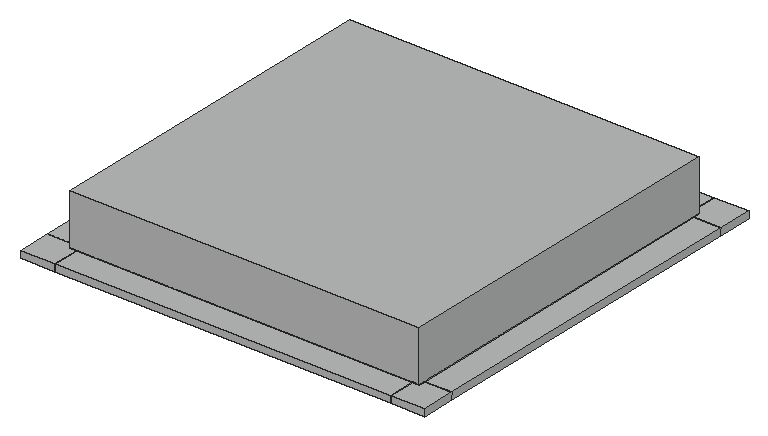
Revit family "ALUMOGIPS", category Осветительные приборы, Revit 2019 (continued)
Types (72, lengths in mm): name | Файл фотометрической сетки | built-in parameter 1150105 | Lumens | built-in parameter 1150106 | built-in parameter 1150142 | Wattage | Emit from Rectangle Width | Emit from Rectangle Length | Длина | Материал светильника | Ширина | ADSK_Ток | ADSK_Полная мощность | ADSK_Обозначение | ADSK_Номинальная мощность | ADSK_Наименование | ADSK_Масса | ADSK_Код изделия
    400.568 1390.010 1377.085 1361.002 1342.947 1322.522 1300.026 1275.261 1248.621 1220.205 1189.817 1157.849 1124.598 1089.670 \r\n1053.460 1016.065 977.881 938.119 898.060 856.917 815.575 773.149 730.722 687.901 644.390 600.877 557.168 513.262 470.046 426.534 383.121 340.497 298.761 257.814 218.151 179.473 \r\n140.501 105.672 72.816 41.835 13.714 0.592 0.592 0.493 0.493 0.493 0.493 0.493 0.493 0.493 0.493 0.395 0.395 0.395 0.395 0.395 0.395 0.395 0.395 0.296 0.296 0.296 0.296 0.296 0.296 0.296 0.296 0.197 \r\n0.197 0.197 0.197 0.197 0.197 0.197 0.197 0.098 0.098 0.098 0.098 0.098 0.098 0.098 0.098 0.000 0.000 0.000 0.000 \r\n1417.637 1417.341 1413.986 1408.461 1400.271 1389.715 1376.789 1360.608 1342.552 1322.128 1299.632 1274.768 1248.128 1219.614 1189.224 1157.256 1123.907 1088.980 \r\n1052.868 1015.374 977.191 937.428 897.369 856.127 814.884 772.458 730.032 687.211 643.698 600.187 556.577 512.670 469.454 425.942 382.529 340.004 298.268 257.321 217.756 179.080 \r\n140.204 105.376 72.520 41.538 13.517 0.592 0.592 0.493 0.493 0.493 0.493 0.493 0.493 0.493 0.493 0.395 0.395 0.395 0.395 0.395 0.395 0.395 0.395 0.296 0.296 0.296 0.296 0.296 0.296 0.296 0.296 0.197 \r\n0.197 0.197 0.197 0.197 0.197 0.197 0.197 0.098 0.098 0.098 0.098 0.098 0.098 0.098 0.098 0.000 0.000 0.000 0.000 \r\n1417.637 1417.242 1413.789 1408.362 1400.075 1389.517 1376.394 1360.311 1342.157 1321.733 1299.138 1274.274 1247.536 1219.022 1188.632 1156.566 1123.315 1088.388 \r\n1052.177 1014.684 976.500 936.738 896.581 855.436 814.194 771.768 729.341 686.519 643.107 599.496 555.885 512.078 468.862 425.449 382.035 339.511 297.873 256.926 217.362 178.685 \r\n139.909 105.079 72.223 41.341 13.221 0.592 0.592 0.493 0.493 0.493 0.493 0.493 0.493 0.493 0.493 0.395 0.395 0.395 0.395 0.395 0.395 0.395 0.395 0.296 0.296 0.296 0.296 0.296 0.296 0.296 0.296 0.197 \r\n0.197 0.197 0.197 0.197 0.197 0.197 0.197 0.098 0.098 0.098 0.098 0.098 0.098 0.098 0.098 0.000 0.000 0.000 0.000 \r\n1417.637 1417.242 1413.690 1408.165 1399.877 1389.220 1376.098 1359.917 1341.762 1321.339 1298.645 1273.781 1247.043 1218.528 1188.041 1155.974 1122.723 1087.697 \r\n1051.487 1013.993 975.810 936.046 895.889 854.746 813.503 771.077 728.650 685.829 642.416 598.904 555.294 511.486 468.270 424.857 381.542 339.018 297.380 256.533 216.967 178.389 \r\n139.613 104.882 72.026 41.143 13.024 0.592 0.592 0.493 0.493 0.493 0.493 0.493 0.493 0.493 0.493 0.395 0.395 0.395 0.395 0.395 0.395 0.395 0.395 0.296 0.296 0.296 0.296 0.296 0.296 0.296 0.296 0.197 \r\n0.197 0.197 0.197 0.197 0.197 0.197 0.197 0.098 0.098 0.098 0.098 0.098 0.098 0.098 0.098 0.000 0.000 0.000 0.000 \r\n1417.637 1417.143 1413.592 1407.967 1399.580 1388.925 1375.803 1359.523 1341.367 1320.845 1298.250 1273.288 1246.550 1217.936 1187.448 1155.382 1122.032 1087.105 \r\n1050.894 1013.401 975.119 935.356 895.199 854.055 812.813 770.386 727.959 685.138 641.725 598.213 554.603 510.795 467.678 424.265 380.951 338.524 296.887 256.038 216.573 177.994 \r\n139.218 104.586 71.730 40.848 12.826 0.592 0.592 0.493 0.493 0.493 0.493 0.493 0.493 0.493 0.493 0.395 0.395 0.395 0.395 0.395 0.395 0.395 0.395 0.296 0.296 0.296 0.296 0.296 0.296 0.296 0.296 0.197 \r\n0.197 0.197 0.197 0.197 0.197 0.197 0.197 0.098 0.098 0.098 0.098 0.098 0.098 0.098 0.098 0.000 0.000 0.000 0.000 \r\n1417.637 1417.143 1413.492 1407.869 1399.383 1388.629 1375.506 1359.226 1340.973 1320.451 1297.757 1272.795 1246.056 1217.443 1186.856 1154.790 1121.441 1086.414 \r\n1050.204 1012.711 974.428 934.665 894.508 853.365 812.122 769.695 727.269 684.448 641.134 597.523 554.011 510.203 467.086 423.772 380.457 338.031 296.492 255.645 216.178 177.599 \r\n138.922 104.291 71.533 40.650 12.629 0.592 0.592 0.592 0.493 0.493 0.493 0.493 0.493 0.493 0.493 0.395 0.395 0.395 0.395 0.395 0.395 0.395 0.395 0.296 0.296 0.296 0.296 0.296 0.296 0.296 0.296 0.197 \r\n0.197 0.197 0.197 0.197 0.197 0.197 0.197 0.098 0.098 0.098 0.098 0.098 0.098 0.098 0.098 0.000 0.000 0.000 0.000 \r\n1417.637 1417.044 1413.394 1407.671 1399.187 1388.333 1375.111 1358.832 1340.578 1320.056 1297.264 1272.301 1245.464 1216.851 1186.264 1154.099 1120.849 1085.822 \r\n1049.513 1012.020 973.737 933.975 893.818 852.575 811.432 769.004 726.578 683.855 640.443 596.930 553.321 509.611 466.494 423.180 379.964 337.537 295.999 255.250 215.783 177.304 \r\n138.626 103.994 71.237 40.453 12.333 0.592 0.592 0.592 0.493 0.493 0.493 0.493 0.493 0.493 0.493 0.395 0.395 0.395 0.395 0.395 0.395 0.395 0.395 0.296 0.296 0.296 0.296 0.296 0.296 0.296 0.296 0.197 \r\n0.197 0.197 0.197 0.197 0.197 0.197 0.197 0.098 0.098 0.098 0.098 0.098 0.098 0.098 0.098 0.000 0.000 0.000 0.000 \r\n1417.637 1417.044 1413.295 1407.474 1398.890 1388.135 1374.815 1358.437 1340.184 1319.661 1296.869 1271.808 1244.971 1216.258 1185.673 1153.507 1120.158 1085.131 \r\n1048.823 1011.329 973.046 933.284 893.127 851.884 810.741 768.314 725.888 683.165 639.752 596.240 552.728 509.019 465.902 422.686 379.371 337.044 295.505 254.757 215.388 176.909 \r\n138.232 103.698 70.942 40.157 12.136 0.592 0.592 0.592 0.493 0.493 0.493 0.493 0.493 0.493 0.493 0.395 0.395 0.395 0.395 0.395 0.395 0.395 0.395 0.296 0.296 0.296 0.296 0.296 0.296 0.296 0.296 0.197 \r\n0.197 0.197 0.197 0.197 0.197 0.197 0.197 0.098 0.098 0.098 0.098 0.098 0.098 0.098 0.098 0.000 0.000 0.000 0.000 \r\n1417.637 1416.946 1413.197 1407.376 1398.693 1387.839 1374.520 1358.042 1339.789 1319.168 1296.376 1271.315 1244.477 1215.765 1185.179 1152.915 1119.566 1084.539 \r\n1048.230 1010.638 972.356 932.594 892.436 851.194 810.050 767.623 725.197 682.474 639.160 595.649 552.038 508.427 465.310 422.094 378.878 336.550 295.111 254.362 214.895 176.514 \r\n137.935 103.403 70.744 39.960 11.939 0.592 0.592 0.592 0.493 0.493 0.493 0.493 0.493 0.493 0.493 0.395 0.395 0.395 0.395 0.395 0.395 0.395 0.395 0.296 0.296 0.296 0.296 0.296 0.296 0.296 0.296 0.197 \r\n0.197 0.197 0.197 0.197 0.197 0.197 0.197 0.098 0.098 0.098 0.098 0.098 0.098 0.098 0.098 0.000 0.000 0.000 0.000 \r\n1417.637 1416.946 1413.098 1407.178 1398.495 1387.544 1374.223 1357.747 1339.395 1318.773 1295.882 1270.822 1243.886 1215.174 1184.587 1152.323 1118.974 1083.848 \r\n1047.540 1009.947 971.665 931.903 891.746 850.503 809.359 766.933 724.507 681.784 638.470 594.958 551.445 507.836 464.718 421.502 378.287 336.057 294.617 253.967 214.500 176.119 \r\n137.640 103.106 70.447 39.762 11.741 0.592 0.592 0.592 0.493 0.493 0.493 0.493 0.493 0.493 0.493 0.395 0.395 0.395 0.395 0.395 0.395 0.395 0.395 0.296 0.296 0.296 0.296 0.296 0.296 0.296 0.296 0.197 \r\n0.197 0.197 0.197 0.197 0.197 0.197 0.197 0.098 0.098 0.098 0.098 0.098 0.098 0.098 0.098 0.000 0.000 0.000 0.000 \r\n1417.637 1416.848 1412.999 1407.079 1398.298 1387.247 1373.829 1357.352 1339.000 1318.378 1295.488 1270.327 1243.392 1214.680 1183.995 1151.731 1118.283 1083.257 \r\n1046.849 1009.257 970.975 931.113 891.055 849.813 808.668 766.242 723.914 681.093 637.779 594.266 550.755 507.145 464.126 421.009 377.793 335.564 294.222 253.474 214.105 175.823 \r\n137.343 102.810 70.250 39.467 11.445 0.592 0.592 0.592 0.493 0.493 0.493 0.493 0.493 0.493 0.493 0.395 0.395 0.395 0.395 0.395 0.395 0.395 0.395 0.296 0.296 0.296 0.296 0.296 0.296 0.296 0.296 0.197 \r\n0.197 0.197 0.197 0.197 0.197 0.197 0.197 0.098 0.098 0.098 0.098 0.098 0.098 0.098 0.098 0.000 0.000 0.000 0.000 \r\n1417.637 1416.848 1412.901 1406.882 1398.002 1387.051 1373.533 1356.957 1338.605 1317.983 1294.994 1269.834 1242.899 1214.089 1183.403 1151.041 1117.692 1082.665 \r\n1046.257 1008.566 970.284 930.423 890.266 849.121 807.978 765.552 723.224 680.403 637.187 593.675 550.163 506.553 463.534 420.416 377.300 335.071 293.729 253.079 213.712 175.429 \r\n136.949 102.515 69.954 39.269 11.248 0.592 0.592 0.592 0.493 0.493 0.493 0.493 0.493 0.493 0.493 0.395 0.395 0.395 0.395 0.395 0.395 0.395 0.395 0.296 0.296 0.296 0.296 0.296 0.296 0.296 0.296 0.197 \r\n0.197 0.197 0.197 0.197 0.197 0.197 0.197 0.098 0.098 0.098 0.098 0.098 0.098 0.098 0.098 0.000 0.000 0.000 0.000 \r\n1417.637 1416.749 1412.802 1406.684 1397.805 1386.754 1373.237 1356.661 1338.210 1317.589 1294.599 1269.341 1242.406 1213.496 1182.811 1150.448 1117.099 1081.974 \r\n1045.566 1007.974 969.593 929.732 889.575 848.333 807.287 764.861 722.533 679.712 636.496 592.985 549.472 505.960 462.942 419.825 376.707 334.577 293.236 252.684 213.317 175.034 \r\n136.652 102.218 69.659 39.072 11.051 0.592 0.592 0.592 0.493 0.493 0.493 0.493 0.493 0.493 0.493 0.395 0.395 0.395 0.395 0.395 0.395 0.395 0.395 0.296 0.296 0.296 0.296 0.296 0.296 0.296 0.296 0.197 \r\n0.197 0.197 0.197 0.197 0.197 0.197 0.197 0.098 0.098 0.098 0.098 0.098 0.098 0.098 0.098 0.000 0.000 0.000 0.000 \r\n1417.637 1416.749 1412.704 1406.586 1397.607 1386.458 1372.941 1356.266 1337.815 1317.095 1294.106 1268.848 1241.813 1213.003 1182.219 1149.856 1116.409 1081.382 \r\n1044.876 1007.283 968.902 929.042 888.885 847.642 806.597 764.170 721.843 679.120 635.806 592.293 548.881 505.368 462.351 419.332 376.214 334.084 292.841 252.191 212.922 174.738 \r\n136.357 101.922 69.461 38.776 10.853 0.592 0.592 0.592 0.493 0.493 0.493 0.493 0.493 0.493 0.493 0.395 0.395 0.395 0.395 0.395 0.395 0.395 0.395 0.296 0.296 0.296 0.296 0.296 0.296 0.296 0.296 0.197 \r\n0.197 0.197 0.197 0.197 0.197 0.197 0.197 0.098 0.098 0.098 0.098 0.098 0.098 0.098 0.098 0.000 0.000 0.000 0.000 \r\n1417.637 1416.650 1412.604 1406.389 1397.311 1386.162 1372.546 1355.871 1337.421 1316.701 1293.613 1268.355 1241.320 1212.411 1181.627 1149.265 1115.816 1080.691 \r\n1044.284 1006.593 968.212 928.351 888.194 846.951 805.906 763.479 721.151 678.429 635.213 591.702 548.190 504.777 461.758 418.740 375.721 333.591 292.348 251.796 212.527 174.343 \r\n135.962 101.627 69.165 38.579 10.557 0.592 0.592 0.592 0.493 0.493 0.493 0.493 0.493 0.493 0.493 0.395 0.395 0.395 0.395 0.395 0.395 0.395 0.395 0.296 0.296 0.296 0.296 0.296 0.296 0.296 0.296 0.197 \r\n0.197 0.197 0.197 0.197 0.197 0.197 0.197 0.098 0.098 0.098 0.098 0.098 0.098 0.098 0.098 0.000 0.000 0.000 0.000 \r\n1417.637 1416.650 1412.506 1406.191 1397.114 1385.866 1372.250 1355.576 1337.027 1316.307 1293.218 1267.861 1240.827 1211.918 1181.035 1148.672 1115.225 1080.099 \r\n1043.593 1005.902 967.620 927.660 887.503 846.260 805.215 762.789 720.461 677.739 634.523 591.011 547.598 504.086 461.166 418.247 375.129 333.098 291.855 251.401 212.132 173.948 \r\n135.666 101.429 68.968 38.381 10.360 0.592 0.592 0.592 0.493 0.493 0.493 0.493 0.493 0.493 0.493 0.493 0.395 0.395 0.395 0.395 0.395 0.395 0.395 0.296 0.296 0.296 0.296 0.296 0.296 0.296 0.296 0.197 \r\n0.197 0.197 0.197 0.197 0.197 0.197 0.197 0.098 0.098 0.098 0.098 0.098 0.098 0.098 0.098 0.000 0.000 0.000 0.000 \r\n1417.637 1416.650 1412.407 1406.093 1396.917 1385.669 1371.954 1355.181 1336.632 1315.912 1292.725 1267.368 1240.334 1211.325 1180.443 1147.982 1114.633 1079.409 \r\n1042.903 1005.212 966.929 926.969 886.812 845.569 804.524 762.098 719.770 677.048 633.832 590.320 546.907 503.494 460.574 417.654 374.636 332.603 291.460 250.908 211.738 173.653 \r\n135.371 101.133 68.671 38.086 10.163 0.592 0.592 0.592 0.493 0.493 0.493 0.493 0.493 0.493 0.493 0.493 0.395 0.395 0.395 0.395 0.395 0.395 0.395 0.296 0.296 0.296 0.296 0.296 0.296 0.296 0.296 0.197 \r\n0.197 0.197 0.197 0.197 0.197 0.197 0.197 0.098 0.098 0.098 0.098 0.098 0.098 0.098 0.098 0.000 0.000 0.000 0.000 \r\n1417.637 1416.551 1412.309 1405.895 1396.621 1385.373 1371.559 1354.786 1336.237 1315.419 1292.232 1266.875 1239.742 1210.733 1179.851 1147.390 1113.942 1078.816 \r\n1042.310 1004.521 966.238 926.279 886.121 844.879 803.834 761.408 719.080 676.357 633.240 589.728 546.315 502.902 459.982 417.062 374.043 332.110 290.967 250.513 211.343 173.258 \r\n135.074 100.837 68.376 37.888 9.965 0.592 0.592 0.592 0.493 0.493 0.493 0.493 0.493 0.493 0.493 0.493 0.395 0.395 0.395 0.395 0.395 0.395 0.395 0.296 0.296 0.296 0.296 0.296 0.296 0.296 0.296 0.197 \r\n0.197 0.197 0.197 0.197 0.197 0.197 0.197 0.098 0.098 0.098 0.098 0.098 0.098 0.098 0.098 0.000 0.000 0.000 0.000 \r\n1417.637 1416.551 1412.111 1405.796 1396.423 1385.077 1371.264 1354.391 1335.842 1315.024 1291.837 1266.382 1239.248 1210.240 1179.259 1146.798 1113.350 1078.126 \r\n1041.620 1003.831 965.548 925.588 885.431 844.090 803.143 760.717 718.389 675.666 632.549 589.038 545.723 502.310 459.390 416.569 373.550 331.617 290.474 250.119 210.948 172.863 \r\n134.679 100.541 68.178 37.591 9.669 0.592 0.592 0.592 0.493 0.493 0.493 0.493 0.493 0.493 0.493 0.493 0.395 0.395 0.395 0.395 0.395 0.395 0.395 0.296 0.296 0.296 0.296 0.296 0.296 0.296 0.296 0.197 \r\n0.197 0.197 0.197 0.197 0.197 0.197 0.197 0.098 0.098 0.098 0.098 0.098 0.098 0.098 0.098 0.000 0.000 0.000 0.000 \r\n1417.637 1416.453 1412.013 1405.600 1396.226 1384.781 1370.968 1354.095 1335.448 1314.629 1291.344 1265.888 1238.754 1209.648 1178.667 1146.206 1112.758 1077.534 \r\n1040.929 1003.140 964.857 924.898 884.740 843.400 802.453 760.026 717.698 674.976 631.859 588.446 545.032 501.718 458.798 415.977 373.057 331.124 290.079 249.625 210.553 172.567 \r\n134.383 100.245 67.883 37.394 9.472 0.592 0.592 0.592 0.493 0.493 0.493 0.493 0.493 0.493 0.493 0.493 0.395 0.395 0.395 0.395 0.395 0.395 0.395 0.296 0.296 0.296 0.296 0.296 0.296 0.296 0.296 0.197 \r\n0.197 0.197 0.197 0.197 0.197 0.197 0.197 0.098 0.098 0.098 0.098 0.098 0.098 0.098 0.098 0.000 0.000 0.000 0.000 \r\n1417.637 1416.453 1411.914 1405.402 1395.930 1384.583 1370.671 1353.701 1335.053 1314.234 1290.850 1265.395 1238.261 1209.155 1178.075 1145.515 1112.067 1076.844 \r\n1040.239 1002.548 964.167 924.207 883.951 842.708 801.762 759.336 717.008 674.383 631.267 587.755 544.441 501.126 458.206 415.385 372.465 330.631 289.585 249.231 210.160 172.172 \r\n134.088 99.949 67.685 37.198 9.275 0.592 0.592 0.592 0.493 0.493 0.493 0.493 0.493 0.493 0.493 0.493 0.395 0.395 0.395 0.395 0.395 0.395 0.395 0.296 0.296 0.296 0.296 0.296 0.296 0.296 0.296 0.197 \r\n0.197 0.197 0.197 0.197 0.197 0.197 0.197 0.098 0.098 0.098 0.098 0.098 0.098 0.098 0.098 0.000 0.000 0.000 0.000 \r\n1417.637 1416.354 1411.816 1405.303 1395.733 1384.288 1370.276 1353.307 1334.658 1313.741 1290.456 1264.901 1237.669 1208.563 1177.582 1144.923 1111.476 1076.252 \r\n1039.646 1001.857 963.476 923.417 883.260 842.018 801.072 758.644 716.317 673.693 630.576 587.064 543.749 500.435 457.614 414.891 371.972 330.137 289.191 248.836 209.765 171.778 \r\n133.693 99.653 67.389 36.901 9.077 0.592 0.592 0.592 0.493 0.493 0.493 0.493 0.493 0.493 0.493 0.493 0.395 0.395 0.395 0.395 0.395 0.395 0.395 0.296 0.296 0.296 0.296 0.296 0.296 0.296 0.296 0.197 \r\n0.197 0.197 0.197 0.197 0.197 0.197 0.197 0.098 0.098 0.098 0.098 0.098 0.098 0.098 0.098 0.000 0.000 0.000 0.000 \r\n1417.637 1416.453 1411.914 1405.402 1395.930 1384.583 1370.671 1353.701 1335.053 1314.234 1290.850 1265.395 1238.261 1209.155 1178.075 1145.515 1112.067 1076.844 \r\n1040.239 1002.548 964.167 924.207 883.951 842.708 801.762 759.336 717.008 674.383 631.267 587.755 544.441 501.126 458.206 415.385 372.465 330.631 289.585 249.231 210.160 172.172 \r\n134.088 99.949 67.685 37.198 9.275 0.592 0.592 0.592 0.493 0.493 0.493 0.493 0.493 0.493 0.493 0.493 0.395 0.395 0.395 0.395 0.395 0.395 0.395 0.296 0.296 0.296 0.296 0.296 0.296 0.296 0.296 0.197 \r\n0.197 0.197 0.197 0.197 0.197 0.197 0.197 0.098 0.098 0.098 0.098 0.098 0.098 0.098 0.098 0.000 0.000 0.000 0.000 \r\n1417.637 1416.453 1412.013 1405.600 1396.226 1384.781 1370.968 1354.095 1335.448 1314.629 1291.344 1265.888 1238.754 1209.648 1178.667 1146.206 1112.758 1077.534 \r\n1040.929 1003.140 964.857 924.898 884.740 843.400 802.453 760.026 717.698 674.976 631.859 588.446 545.032 501.718 458.798 415.977 373.057 331.124 290.079 249.625 210.553 172.567 \r\n134.383 100.245 67.883 37.394 9.472 0.592 0.592 0.592 0.493 0.493 0.493 0.493 0.493 0.493 0.493 0.493 0.395 0.395 0.395 0.395 0.395 0.395 0.395 0.296 0.296 0.296 0.296 0.296 0.296 0.296 0.296 0.197 \r\n0.197 0.197 0.197 0.197 0.197 0.197 0.197 0.098 0.098 0.098 0.098 0.098 0.098 0.098 0.098 0.000 0.000 0.000 0.000 \r\n1417.637 1416.551 1412.111 1405.796 1396.423 1385.077 1371.264 1354.391 1335.842 1315.024 1291.837 1266.382 1239.248 1210.240 1179.259 1146.798 1113.350 1078.126 \r\n1041.620 1003.831 9
